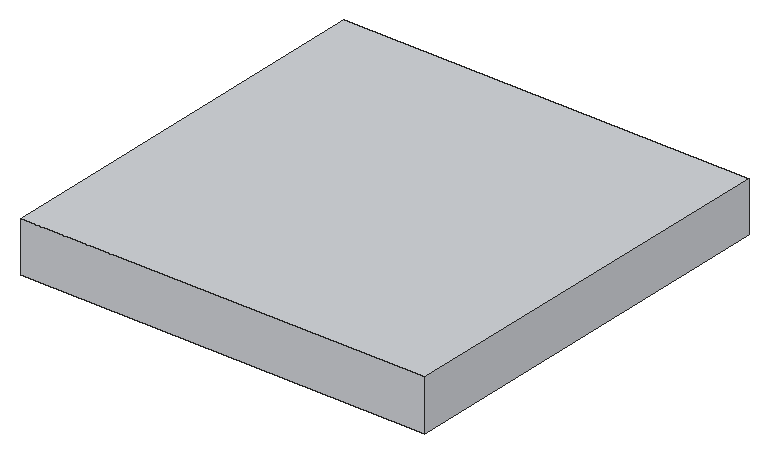
Revit family "CF4K-00X9AZOU05", category Luminarias, Revit 2019
Family settings
  Anfitrión = Cara
  Cota de conector redondo = Diámetro de uso
  Tipo de pieza = Normal
  Número OmniClass = 23.80.70.00
  Título OmniClass = Lighting
  Corte con vacíos al cargar = No
  Origen de luz = No
  Compartido = Sí
  Punto de cálculo de habitación = No
Parameters (values of type "CF4K-00X9AZOU05")
  Versión = "v1"
  Vatios (W) = 53
  Tipo de regulación = "ON-OFF"
  Tipo = "Pendant"
  Tender text (English) = "LedsC4 Circular Outward ø900 Surface CF4K-00X9AZOU05V1  Pendant for indoor use.  Structure material: Aluminium. Structure finish: Black. Diffuser material: Polycarbonate. Diffuser finish: Opal. Warranty: 5 Years.  Product net weight (Kg): 5 Product width or diameter (mm): 884 Product height (mm): 300  Class 1. IP: IP20. LED. No. of lampholders or LEDs: 1. Driver brand: MEANWELL. Maximum power of light source: 49.6W. Colour temperature: 4000K. Colour rendering index: 90. Hours of life: 50.000h L80B20. UGR: 9.3. Real flux (lm): 4159. Real lm/W: 78. Voltage / frequency range: 90-305/50-60Hz. Voltage: 2,8. Equipment included: Yes. Total power: 53. Power factor: 0.90. Dimmable equipment included: ON-OFF."
  Tender text (Castellano) = "LedsC4 Circular Outward ø900 Surface CF4K-00X9AZOU05V1  Pendant for indoor use.  Structure material: Aluminium. Structure finish: Black. Diffuser material: Polycarbonate. Diffuser finish: Opal. Warranty: 5 Years.  Product net weight (Kg): 5 Product width or diameter (mm): 884 Product height (mm): 300  Class 1. IP: IP20. LED. No. of lampholders or LEDs: 1. Driver brand: MEANWELL. Maximum power of light source: 49.6W. Colour temperature: 4000K. Colour rendering index: 90. Hours of life: 50.000h L80B20. UGR: 9.3. Real flux (lm): 4159. Real lm/W: 78. Voltage / frequency range: 90-305/50-60Hz. Voltage: 2,8. Equipment included: Yes. Total power: 53. Power factor: 0.90. Dimmable equipment included: ON-OFF."
  Temperatura color led (K) = "LED neutral-white 4000K"
  Referencia = "CF4K-00X9AZOU05"
  Rayo de luz = ""
  Producto descatalogado = "Catalogado EN"
  Pluma comercial = ""
  Peso neto (KG) = 5
  Material = "Aluminium, Polycarbonate"
  Lumenes reales (lm) = 4159
  LDT = "https://files.ledsc4.com/ldt/CF4K-00X9AZOU05V1.html"
  Imagen web = "https://files.ledsc4.com/main-photo/CF4K-00X9AZOU05V1"
  IfcExportType = "NOTDEFINED"
  IfcExportAs = "IfcLightFixture\r\nIfcLightFixture"
  IP = "IP20"
  IMC = "https://files.ledsc4.com/imc/CF4K-00X9AZOU05V1.html"
  IK = ""
  Fuente de luz = ""
  Fotometría = "https://files.ledsc4.com/fm/CF4K-00X9AZOU05V1.html"
  Ficha = "https://files.ledsc4.com/ft/en/CF4K-00X9AZOU05V1.html"
  FechaVersion = "Creada: 31/03/2023"
  Familia = "Circular Outward ø900 Surface"
  Fabricante = "LEDS C4"  # constant formula
  Etiqueta V/f = "100-240V/50-60Hz"
  Elevación por defecto = 1000 mm
  Eficiencia energética = "E"
  EAN13 = "8435575379770"
  DescripcionUniformat2010 = "Lighting"
  DescripcionUniclass2015 = "Lighting"
  DescripcionOmniclass = "Lighting"
  DescripcionGubimclass = "Iluminación interior"
  CodigoUniformat2010 = "D5040"
  CodigoUniclass2015 = "EF_70_80"
  CodigoOmniclass = "21-04 50 40"
  CodigoGubimclass = "50.60.50.20"
  Catálogo = "Decorative"
  Carga aparente = 0 VA
  CRI = 90
  Acabado = "Black, Opal"
Reference planes
  plane 1 "Centro (Frontal/Posterior)": y = 0
  plane 2: z = 0
  plane 3 "Centro (Izquierda/Derecha)": x = 0
  plane 4 "Elevación de origen de luz": z = 0
  plane 5 "Eje de origen de luz (F/P)": y = 0
  plane 6 "Eje de origen de luz (I/D)": x = 0
Forms (mm)
  Extrusion 1, solid
    sketch origin (0, 0, 0) x (1, 0, 0) y (0, 1, 0)
      loop
        line (-1219.2, 1219.2) -> (-1219.2, -1219.2) -> (1219.2, -1219.2) -> (1219.2, 1219.2) -> (-1219.2, 1219.2)
    from 0 to -304.8
Dimensions and locks
  aligned and locked: plane 2 to Extrusion 1
  aligned and locked: level to Extrusion 1
Connectors
  electrical at (0, 0, 0)
    settings: on Extrusion 1, index 1, voltage 0 V, apparent load 0 VA, apparent load phase1 0 VA, apparent load phase2 0 VA, apparent load phase3 0 VA, power factor 1, load classification "Otro", number of poles 1, system type 31, power factor state 1, is connector primary yes, connector utility no, sub classification motor no, connector description ""
